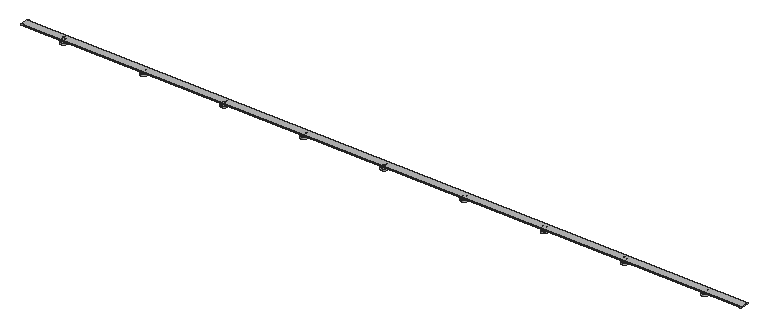
Revit family "Displays_Track_ASHanging_Contempo_WallTrack_Straight", category Generic Models, Revit 2026
Family settings
  Can host rebar = No
  Round Connector Dimension = Use Diameter
  Part Type = Normal
  Classification Number = 23.40.90.11
  Cut with Voids When Loaded = No
  Maintain Annotation Orientation = No
  Shared = No
  Room Calculation Point = No
Parameters (values of type "Silver Satin")
  URL = "https://www.ashanging.com/"
  Surface Finish = Silver Satin
  Specification = "http://www.arcat.com/sd/clients/ashangin.html?coid=45306"
  Spacer Spacing [instance] = if(([built-in parameter 1001306]) < 0' 8", ([built-in parameter 1001306] - 0' 4"), 0' 8")  # 0' - 8"
  Spacer Count [instance] = if(([built-in parameter 1001306] / Spacer Spacing) < 2, 2, (([built-in parameter 1001306] / Spacer Spacing) - 1))  # 8
  Sales Information = "https://www.ashanging.com/en/contacts/"
  Revision = "R1_2017"
  Product Properties = "https://www.ashanging.com/en/classic-system/"
  Product Data = "http://www.arcat.com/arcatcos/cos45/arc45245.html"
  Model = "Contempo Wall Track"
  Manufacturer Website = "https://www.ashanging.com/"
  Manufacturer Phone - Toll Free = "866-935-7010"
  Manufacturer Phone = ""
  Manufacturer Fax = ""
  Manufacturer Address = "8396 State Route 9, West Chazy, NY 12992"
  Manufacturer = "AS Hanging"
  built-in parameter 1001306 [instance] = 6' - 0"
  Last Spacer [instance] = [built-in parameter 1001306] > 0' 9"  # yes
  Keynote = "10 14 00"
  Installation-Fabrication = "https://www.ashanging.com/en/support-documents/"
  Drawn By = "Sumex Design, Robert S. Weygant"
  Description = "AS Hanging Contempo Wall Track"
  Default Elevation = 0' - 0"
  Copyright = "2017 ARCAT, Inc"
  Construction Details = ""
  Assembly Code = "C1030500"
Types (2): name | Surface Finish | Specification | Manufacturer Phone - Toll Free
  Silver Satin | Silver Satin | "http://www.arcat.com/sd/clients/ashangin.html?coid=45306" | "866-935-7010"
  White | White Painted - Flat Finish | "http://www.arcat.com/sd/clients/ashangin.html?coid=45307" | "866-935-7011"
Reference planes (in)
  plane 1 "Center (Front/Back)": y = 0
  plane 2: z = 0
  plane 3 "Left": x = 0
  plane 4 "Right": x = 72
  plane 5: z = 0.394
  plane 6: x = 4
Forms (in)
  Sweep 1, solid, material "Silver Satin" <- "Surface Finish"
    path in 3D
      loop
        line (0, 0, 0) -> (72, 0, 0)
    profile "Displays_Contempo_ASHanging_WallTrack_Curved-Sweep : Displays_Contempo_ASHanging_WallTrack_Curved-Sweep" origin (36, 0, 0) x (0, 1, 0) y (0, 0, 1)
      loop
        line (-0.37, 0.39) -> (0.37, 0.39)
        arc (0.37, 0.39) -> (0.40125, 0.42125) -> (0.37, 0.4525) r 0.03125
        line (0.37, 0.4525) -> (-0.37, 0.4525)
        arc (-0.37, 0.4525) -> (-0.40125, 0.42125) -> (-0.37, 0.39) r 0.03125
Lines and regions (in)
  reference lines
    curve 1: line (0, 0, 0) -> (72, 0, 0)
  sketch lines
    curve 2: line (0, 0, 0) -> (72, 0, 0)
Dimensions and locks (in)
  "built-in parameter 1001306": plane 3 "Left" to plane 4 "Right"
  plane 5 to plane 2 = 0' - 0.394"
  locked: plane 3 "Left" to plane 6 at 4
  equal spacing: group 1, group 2, group 3, group 4, group 5, group 6, group 7, group 8  (x3)
  "Spacer Spacing": nested 1 to nested 2
  locked: nested 3 to plane 4 "Right" at 4
  aligned and locked: plane 4 "Right" to curve 1
  aligned and locked: plane 1 "Center (Front/Back)" to curve 1
  aligned and locked: plane 3 "Left" to curve 1
  aligned and locked: level to plane 2
  aligned and locked: plane 1 "Center (Front/Back)" to nested 1
  aligned and locked: plane 6 to nested 1
Nested families (in)
  nested 1: "Displays_Contempo_ASHanging_Standoff_Curved-Sweep" at (4, 0, 0), type "Displays_Contempo_ASHanging_Spacer", detail levels medium+fine
  nested 2: "Displays_Contempo_ASHanging_Standoff_Curved-Sweep" at (12, 0, 0), type "Displays_Contempo_ASHanging_Spacer", detail levels medium+fine
  nested 3: "Displays_Contempo_ASHanging_Standoff_Curved-Sweep" at (68, 0, 0), visible <- "Last Spacer", type "Displays_Contempo_ASHanging_Spacer", detail levels medium+fine
  nested 4: "Displays_Contempo_ASHanging_Standoff_Curved-Sweep" at (20, 0, 0), type "Displays_Contempo_ASHanging_Spacer", detail levels medium+fine
  nested 5: "Displays_Contempo_ASHanging_Standoff_Curved-Sweep" at (28, 0, 0), type "Displays_Contempo_ASHanging_Spacer", detail levels medium+fine
  nested 6: "Displays_Contempo_ASHanging_Standoff_Curved-Sweep" at (36, 0, 0), type "Displays_Contempo_ASHanging_Spacer", detail levels medium+fine
  nested 7: "Displays_Contempo_ASHanging_Standoff_Curved-Sweep" at (44, 0, 0), type "Displays_Contempo_ASHanging_Spacer", detail levels medium+fine
  nested 8: "Displays_Contempo_ASHanging_Standoff_Curved-Sweep" at (52, 0, 0), type "Displays_Contempo_ASHanging_Spacer", detail levels medium+fine
  nested 9: "Displays_Contempo_ASHanging_Standoff_Curved-Sweep" at (60, 0, 0), type "Displays_Contempo_ASHanging_Spacer", detail levels medium+fine
Definition of nested family "Displays_Contempo_ASHanging_Standoff_Curved-Sweep"
  Parameters
    Finish = none
    Default Elevation = 4' - 0"
  Reference planes (in)
    plane 1 "Center (Front/Back)": y = 0
    plane 2: z = 0
    plane 3 "Center (Left/Right)": x = 0
  Forms (in)
    Revolve 1, solid, material <- "Finish"
      sketch origin (0, 0, 0) x (1, 0, 0) y (0, 0, 1)
        loop
          line (0, 0) -> (0, 0.394) -> (-0.1875, 0.394) -> (-0.1875, 0.10641) -> (-0.30301, 0.07546)
          arc (-0.30301, 0.07546) -> (-0.33396, 0.03457) -> (-0.29608, 0) r 0.03805
          line (-0.29608, 0) -> (0, 0)
        axis (0, 0.394) -> (0, 0)
      angle from 0 to 360
  Dimensions and locks (in)
    Revolve 1 sketch curve to Revolve 1 sketch curve = 0' - 0.394"
    aligned and locked: plane 2 to level
    aligned and locked: level to Revolve 1 sketch curve
